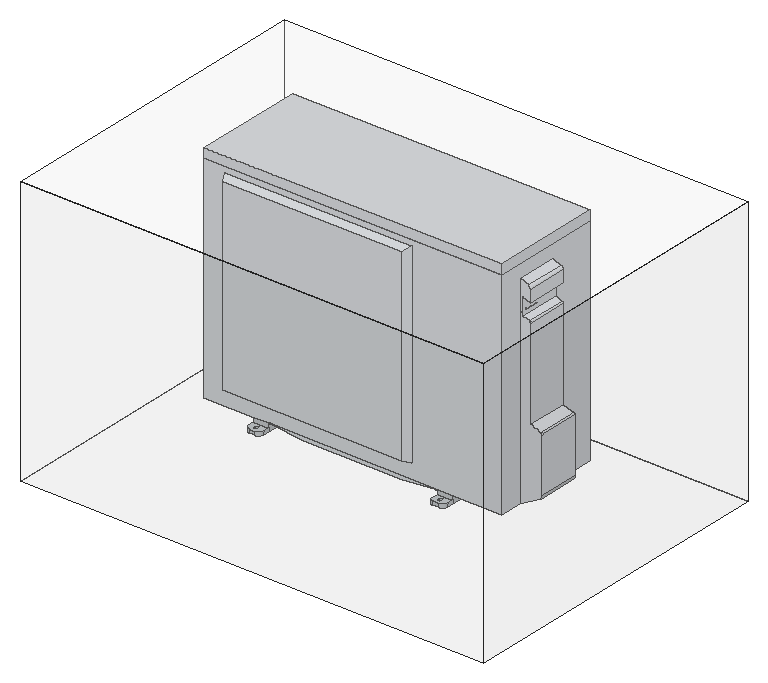
Revit family "puz-ermp40_63ska16_50hz", category 機械設備, Revit 2023
Family settings
  丸型コネクタ寸法 = 直径を使用
  パーツ タイプ = 標準
  OmniClass 番号 = 23.75.10.24.21.27.27
  OmniClass タイトル = Split System Air Conditioning Units
  作業面ベース = いいえ
  常に垂直 = はい
  ロード時にボイドで切り取り = いいえ
  注釈の向きを維持 = いいえ
  共有 = いいえ
  部屋計算ポイント = いいえ
Parameters (values of type "PUZ-ERMP40SKA16")
  風量_冷房 (㎥/min) = 45
  風量 = [風量_冷房 (㎥/min)] * 60.0 m³/h  # 2700.0 m³/h
  音響パワーレベル_暖房 (dB) = 66
  音響パワーレベル_冷房 (dB) = 64
  音響パワーレベル(dB) = [音響パワーレベル_暖房 (dB)]  # 66
  電源種別 = ""
  電源位置Y = 61 mm
  電源位置Z = 497.7 mm
  電源位置X = 400 mm
  電圧 = 200 V
  電動機出力_送風機 = 0.04 kW
  電動機出力_圧縮機 = 0.7 kW
  集中コントローラ [instance] = ""
  運転質量 = 0.00 kg
  運転方法 = "冷暖切替"
  質量 = if(製品質量 > 運転質量, 製品質量, 運転質量) * 1.2  # 45.60 kg
  負荷分類 = 1_熱源類
  説明 = "空冷H/P PAC インバータ室外機"
  設計暖房能力 [instance] = 0 kW
  設計冷房能力_顕熱 [instance] = 0 kW
  設計冷房能力 [instance] = 0 kW
  設置方法 = "床置形"
  記号 [instance] = ""
  製造元 = "三菱電機株式会社"
  製品質量 = 38.00 kg
  製品出荷対象 = "国内"
  製品リリース年月 = "2026/5/11"
  系統 [instance] = ""
  符号 = "PAC"
  積算_科目 = "1 空気調和設備"
  積算_拾い区分 [instance] = ""
  相 = 1
  盤記号 [instance] = ""
  発停方法 = "別売リモコン"
  特殊仕様 [instance] = ""
  消費電力_暖房 = 0 kW
  消費電力_冷房 = 0 kW
  消費電力 = if(消費電力_冷房 > 消費電力_暖房, 消費電力_冷房, 消費電力_暖房)  # 0 kW
  法定耐用年数 = "6"
  極数 = 3
  材質 [instance] = ""
  本体マテリアル = none
  最小電線太さ_mm2 = 2
  暖房能力 = 4 kW
  既定の高さ = 0 mm
  推奨ブレーカー容量 = 15 A
  据付ピッチ1 = 0 mm
  形式 = "パッケージ形 室外機"
  形名 = PUZ-EZRMP-1 : PUZ-EZRMP-1
  幹線記号 [instance] = ""
  始動方式 = "インバータ"
  呼称 = "パッケージ形空気調和機_室外機"
  周波数 = 50 Hz
  価格 = 0
  ドレン　位置Z = 8.5 mm
  ドレン　位置Y = 48.5 mm
  ドレン　位置X = 404.5 mm
  アンカーボルト位置Y = 330 mm
  アンカーボルト位置X = 500 mm
  参照している仕様書等のバージョン = "公共建築物標準仕様書（機械設備工事編）平成31年度版"
  分類コード = "50053003126100"
  分類グループ = "設備"
  冷房能力 = 3.6 kW
  冷媒管（ガス）位置X = 420 mm
  冷媒管（液）位置X = 420 mm
  冷媒管（液）位置Y = 153.75 mm
  冷媒管（ガス）位置Y = 153.75 mm
  冷媒管長 [instance] = 0 mm
  冷媒管径符号 = "Ac"
  冷媒管径 = 60.00 mm
  冷媒管位置Z = 158.95 mm
  冷媒管位置Y = (冷媒管（液）位置Y + 冷媒管（ガス）位置Y) / 2  # 153.75 mm
  冷媒管位置X = (冷媒管（液）位置X + 冷媒管（ガス）位置X) / 2  # 420 mm
  冷媒液管径 = 6.35 mm
  冷媒ガス管径 = 12.70 mm
  企業コード = "108420"
  付属品 [instance] = ""
  ユニット数 = 1
  ユニット3 = yes
  ユニット2 = yes
  モデル = "PUZ-ERMP40SKA16"
  ドレン管径 = 42.00 mm
  サービススペース = yes
  コメント [instance] = ""
  ケーブル種類1 = ""
  【値が 0 の項目は組合せ形名にてご確認ください】 = ""
  Width = 809 mm
  Version = ""
  Uniclass2015Version = "Systems v1.9"
  Uniclass2015Title = "Split coil remote air cooled condensing units"
  Uniclass2015Code = "Pr_70_65_03_84"
  URL = "https://www.mitsubishielectric.co.jp/ldg/wink/qr/002/364574"
  SpecificationReference = ""
  SpecificationDescription = ""
  Revision = ""
  ProductInformation = ""
  OmniClassCode = "23-33 17 13 11"
  IfcTypeProduct = ""
  IfcProduct = ""
  IfcExportType = "AIRCONDITIONINGUNIT"
  IfcExportAs = "IfcUnitaryEquipmentType"
  Height = 630 mm
  Depth = 300 mm
  Clearance Top = 100 mm
  Clearance Right = 350 mm
  Clearance Left = 100 mm
  Clearance Front = 500 mm
  Clearance Bottom = 0 mm
  Clearance Back = 100 mm
  COP = 0
  BLCJ仕様バージョン = "2.0"
  Author = "三菱電機株式会社"
  APF = 0
Reference planes
  plane 1 "中心(正面/背面)": y = 74
  plane 2: z = 0
  plane 3 "中心(左/右)": x = 830
  plane 4 "右": x = 1234.5
  plane 5 "左": x = 425.5
  plane 6 "背面": y = 224
  plane 7 "正面": y = -76
  plane 8 "上部": z = 630
  plane 9 "Clearanse Top": z = 730
  plane 10 "SS_back": y = 324
  plane 11 "SS_front": y = -576
  plane 12 "SS_left": x = 325.5
  plane 13 "SS_right": x = 1584.5
  plane 14: z = 0
  plane 15: y = -15
  plane 16: x = 1230
  plane 17: z = 497.7
  plane 18: y = -13
  plane 19: y = 70.25
  plane 20: x = 1250
  plane 21: y = 175.5
  plane 22: x = 830
  plane 23: z = 10.5
  plane 24: z = 8.5
  plane 25: x = 580
  plane 26: x = 1080
  plane 27: y = 239
  plane 28: y = -91
Forms (mm)
  Extrusion 1, solid, detail levels fine
    sketch origin (0, -76, 0) x (1, 0, 0) y (0, 0, 1)
      loop
        circle (1230, 497.7) r 13.5
    from -63 to -61
  Extrusion 2, solid, detail levels fine
    sketch origin (-1437.329, -1524, 54) x (-1, 0, 0) y (0, -1, 0)
      loop
        circle (-2267.329, -1699.5) r 21
    from -45.5 to -43.5
  Sweep 3, solid, material <- "本体マテリアル", detail levels fine
    path origin (1250, 1296.25, 1200) x (0, 1, 0) y (0, 0, 1)
      loop
        line (-1226, -1041.05) -> (-1272.623, -1084.565)
    profile origin (1250, 46.939, 137.193) x (0, 0.682318, -0.731055) y (1, 0, 0)
      loop
        circle (0, 0) r 30
Lines and regions (mm)
  model lines, not visible
    curve 1: line (460, 178.667, 1289.179) -> (460, 297.73, 1289.179)
    curve 2: line (460, 178.667, 1056.056) -> (460, 178.667, 1289.179)
    curve 3: line (460, 297.73, 1056.056) -> (460, 178.667, 1056.056)
    curve 4: line (460, 297.73, 1289.179) -> (460, 297.73, 1056.056)
    curve 5: line (460, 47.598, 1289.179) -> (460, 166.661, 1289.179)
    curve 6: line (460, 47.598, 1056.056) -> (460, 47.598, 1289.179)
    curve 7: line (460, 166.661, 1056.056) -> (460, 47.598, 1056.056)
    curve 8: line (460, 166.661, 1289.179) -> (460, 166.661, 1056.056)
    curve 9: line (460, -83.471, 1289.179) -> (460, 35.592, 1289.179)
    curve 10: line (460, -83.471, 1056.056) -> (460, -83.471, 1289.179)
    curve 11: line (460, 35.592, 1056.056) -> (460, -83.471, 1056.056)
    curve 12: line (460, 35.592, 1289.179) -> (460, 35.592, 1056.056)
    curve 13: line (460, -150.779, 1289.179) -> (460, -95.75, 1289.179)
    curve 14: line (460, -150.779, 1056.056) -> (460, -150.779, 1289.179)
    curve 15: line (460, -95.75, 1056.056) -> (460, -150.779, 1056.056)
    curve 16: line (460, -95.75, 1289.179) -> (460, -95.75, 1056.056)
    curve 17: line (460, -150.779, 1283.175) -> (460, -132.596, 1283.175)
    curve 18: line (460, -150.779, 1062.059) -> (460, -150.779, 1283.175)
    curve 19: line (460, -132.596, 1062.059) -> (460, -150.779, 1062.059)
    curve 20: line (460, -132.596, 1283.175) -> (460, -132.596, 1062.059)
    curve 21: line (460, 178.667, 1046.051) -> (460, 297.73, 1046.051)
    curve 22: line (460, 178.667, 812.928) -> (460, 178.667, 1046.051)
    curve 23: line (460, 297.73, 812.928) -> (460, 178.667, 812.928)
    curve 24: line (460, 297.73, 1046.051) -> (460, 297.73, 812.928)
    curve 25: line (460, 47.598, 1046.051) -> (460, 166.661, 1046.051)
    curve 26: line (460, 47.598, 812.928) -> (460, 47.598, 1046.051)
    curve 27: line (460, 166.661, 812.928) -> (460, 47.598, 812.928)
    curve 28: line (460, 166.661, 1046.051) -> (460, 166.661, 812.928)
    curve 29: line (460, -83.471, 1046.051) -> (460, 35.592, 1046.051)
    curve 30: line (460, -83.471, 812.928) -> (460, -83.471, 1046.051)
    curve 31: line (460, 35.592, 812.928) -> (460, -83.471, 812.928)
    curve 32: line (460, 35.592, 1046.051) -> (460, 35.592, 812.928)
    curve 33: line (460, -150.779, 1046.051) -> (460, -95.75, 1046.051)
    curve 34: line (460, -150.779, 812.928) -> (460, -150.779, 1046.051)
    curve 35: line (460, -95.75, 812.928) -> (460, -150.779, 812.928)
    curve 36: line (460, -95.75, 1046.051) -> (460, -95.75, 812.928)
    curve 37: line (460, -150.779, 1040.048) -> (460, -132.596, 1040.048)
    curve 38: line (460, -150.779, 818.931) -> (460, -150.779, 1040.048)
    curve 39: line (460, -132.596, 818.931) -> (460, -150.779, 818.931)
    curve 40: line (460, -132.596, 1040.048) -> (460, -132.596, 818.931)
    curve 41: line (460, 178.667, 802.923) -> (460, 297.73, 802.923)
    curve 42: line (460, 178.667, 569.8) -> (460, 178.667, 802.923)
    curve 43: line (460, 297.73, 569.8) -> (460, 178.667, 569.8)
    curve 44: line (460, 297.73, 802.923) -> (460, 297.73, 569.8)
    curve 45: line (460, 47.598, 802.923) -> (460, 166.661, 802.923)
    curve 46: line (460, 47.598, 569.8) -> (460, 47.598, 802.923)
    curve 47: line (460, 166.661, 569.8) -> (460, 47.598, 569.8)
    curve 48: line (460, 166.661, 802.923) -> (460, 166.661, 569.8)
    curve 49: line (460, -83.471, 802.923) -> (460, 35.592, 802.923)
    curve 50: line (460, -83.471, 569.8) -> (460, -83.471, 802.923)
    curve 51: line (460, 35.592, 569.8) -> (460, -83.471, 569.8)
    curve 52: line (460, 35.592, 802.923) -> (460, 35.592, 569.8)
    curve 53: line (460, -150.779, 802.923) -> (460, -95.75, 802.923)
    curve 54: line (460, -150.779, 569.8) -> (460, -150.779, 802.923)
    curve 55: line (460, -95.75, 569.8) -> (460, -150.779, 569.8)
    curve 56: line (460, -95.75, 802.923) -> (460, -95.75, 569.8)
    curve 57: line (460, -150.779, 796.92) -> (460, -132.596, 796.92)
    curve 58: line (460, -150.779, 575.803) -> (460, -150.779, 796.92)
    curve 59: line (460, -132.596, 575.803) -> (460, -150.779, 575.803)
    curve 60: line (460, -132.596, 796.92) -> (460, -132.596, 575.803)
    curve 61: line (460, 178.667, 559.795) -> (460, 297.73, 559.795)
    curve 62: line (460, 178.667, 326.672) -> (460, 178.667, 559.795)
    curve 63: line (460, 297.73, 326.672) -> (460, 178.667, 326.672)
    curve 64: line (460, 297.73, 559.795) -> (460, 297.73, 326.672)
    curve 65: line (460, 47.598, 559.795) -> (460, 166.661, 559.795)
    curve 66: line (460, 47.598, 326.672) -> (460, 47.598, 559.795)
    curve 67: line (460, 166.661, 326.672) -> (460, 47.598, 326.672)
    curve 68: line (460, 166.661, 559.795) -> (460, 166.661, 326.672)
    curve 69: line (460, -83.471, 559.795) -> (460, 35.592, 559.795)
    curve 70: line (460, -83.471, 326.672) -> (460, -83.471, 559.795)
    curve 71: line (460, 35.592, 326.672) -> (460, -83.471, 326.672)
    curve 72: line (460, 35.592, 559.795) -> (460, 35.592, 326.672)
    curve 73: line (460, -150.779, 559.795) -> (460, -95.75, 559.795)
    curve 74: line (460, -150.779, 326.672) -> (460, -150.779, 559.795)
    curve 75: line (460, -95.75, 326.672) -> (460, -150.779, 326.672)
    curve 76: line (460, -95.75, 559.795) -> (460, -95.75, 326.672)
    curve 77: line (460, -150.779, 553.792) -> (460, -132.596, 553.792)
    curve 78: line (460, -150.779, 332.675) -> (460, -150.779, 553.792)
    curve 79: line (460, -132.596, 332.675) -> (460, -150.779, 332.675)
    curve 80: line (460, -132.596, 553.792) -> (460, -132.596, 332.675)
    curve 81: line (460, 178.667, 316.667) -> (460, 297.73, 316.667)
    curve 82: line (460, 178.667, 83.544) -> (460, 178.667, 316.667)
    curve 83: line (460, 297.73, 83.544) -> (460, 178.667, 83.544)
    curve 84: line (460, 297.73, 316.667) -> (460, 297.73, 83.544)
    curve 85: line (460, 47.598, 316.667) -> (460, 166.661, 316.667)
    curve 86: line (460, 47.598, 83.544) -> (460, 47.598, 316.667)
    curve 87: line (460, 166.661, 83.544) -> (460, 47.598, 83.544)
    curve 88: line (460, 166.661, 316.667) -> (460, 166.661, 83.544)
    curve 89: line (460, -83.471, 316.667) -> (460, 35.592, 316.667)
    curve 90: line (460, -83.471, 83.544) -> (460, -83.471, 316.667)
    curve 91: line (460, 35.592, 83.544) -> (460, -83.471, 83.544)
    curve 92: line (460, 35.592, 316.667) -> (460, 35.592, 83.544)
    curve 93: line (460, -150.779, 316.667) -> (460, -95.75, 316.667)
    curve 94: line (460, -150.779, 83.544) -> (460, -150.779, 316.667)
    curve 95: line (460, -95.75, 83.544) -> (460, -150.779, 83.544)
    curve 96: line (460, -95.75, 316.667) -> (460, -95.75, 83.544)
    curve 97: line (460, -150.779, 310.664) -> (460, -132.596, 310.664)
    curve 98: line (460, -150.779, 89.547) -> (460, -150.779, 310.664)
    curve 99: line (460, -132.596, 89.547) -> (460, -150.779, 89.547)
    curve 100: line (460, -132.596, 310.664) -> (460, -132.596, 89.547)
Dimensions and locks
  equal spacing: plane 7 "正面", plane 1 "中心(正面/背面)", plane 6 "背面"
  "Depth": plane 7 "正面" to plane 6 "背面"
  "Width": plane 5 "左" to plane 4 "右"
  equal spacing: plane 5 "左", plane 3 "中心(左/右)", plane 4 "右"
  "Clearance Left": plane 12 "SS_left" to plane 5 "左"
  "Clearance Right": plane 4 "右" to plane 13 "SS_right"
  "Clearance Back": plane 6 "背面" to plane 10 "SS_back"
  "Clearance Front": plane 11 "SS_front" to plane 7 "正面"
  "Height": plane 8 "上部" to level
  "Clearance Top": plane 9 "Clearanse Top" to plane 8 "上部"
  "Clearance Bottom": level to plane 14
  "電源位置X": plane 3 "中心(左/右)" to plane 16
  "電源位置Y": plane 7 "正面" to plane 15
  "電源位置Z": plane 17 to level
  locked: plane 15 to plane 18 at 2
  "冷媒管位置X": plane 3 "中心(左/右)" to plane 20
  "冷媒管位置Y": plane 19 to plane 6 "背面"
  "ドレン　位置X": plane 5 "左" to plane 22
  "ドレン　位置Y": plane 21 to plane 6 "背面"
  locked: plane 23 to plane 24 at 2
  "ドレン　位置Z": plane 24 to level
  equal spacing: plane 28, plane 1 "中心(正面/背面)", plane 27
  "アンカーボルト位置Y": plane 28 to plane 27
  equal spacing: plane 25, plane 3 "中心(左/右)", plane 26
  "アンカーボルト位置X": plane 25 to plane 26
  radius of Extrusion 1 sketch curve = 13.5 mm
  "ドレン管径": diameter of Extrusion 2 sketch curve
  "冷媒管径": diameter of Sweep 3 sketch curve
  aligned and locked: level to plane 2
  aligned and locked: plane 10 "SS_back" to nested 1  (x2)
  aligned and locked: plane 13 "SS_right" to nested 1
  aligned and locked: plane 12 "SS_left" to nested 1  (x2)
  aligned and locked: nested 1 to plane 13 "SS_right"
  aligned and locked: plane 11 "SS_front" to nested 1
  aligned and locked: plane 9 "Clearanse Top" to nested 1
  aligned and locked: plane 1 "中心(正面/背面)" to nested 2
  aligned and locked: plane 3 "中心(左/右)" to nested 2
  aligned and locked: plane 14 to nested 1
  aligned and locked: plane 17 to Extrusion 1 sketch curve
  aligned and locked: plane 16 to Extrusion 1 sketch curve
  aligned and locked: Extrusion 1 to plane 18
  aligned and locked: plane 15 to Extrusion 1
  aligned and locked: plane 22 to Extrusion 2 sketch curve
  aligned and locked: plane 21 to Extrusion 2 sketch curve
  aligned and locked: plane 23 to Extrusion 2
  aligned and locked: Extrusion 2 to plane 24
  aligned and locked: plane 25 to nested 3
  aligned and locked: plane 27 to nested 3
Automatic sketch dimensions
  Sweep 3 sketch curve to plane 18 = 36.627 mm
  plane 1 "中心(正面/背面)" to Sweep 3 sketch curve = 3.75 mm
  plane 23 to Sweep 3 sketch curve = 104.935 mm
  Sweep 3 sketch curve to Sweep 3 sketch curve = 43.515 mm
  Sweep 3 sketch curve to plane 20 = 0 mm
  Sweep 3 sketch curve to profile plane = 0 mm
Nested families
  nested 1: "サービススペース" at (955, -126, 365), visible <- "サービススペース", type "サービススペース"
    with Width 1259 mm, Height 730 mm, Depth 900 mm
  nested 2: "PUZ-EZRMP-1" at (830, 74, 0), type <- "形名", type "PUZ-EZRMP-1", detail levels fine
  nested 3: "固定点" at (580, -91, 0), type "固定点"
    with 中心円 10 mm, W 500 mm, D 330 mm
Connectors
  electrical at (1230, -15, 497.7), driven by "極数", driven by "負荷分類", driven by "電圧", driven by "消費電力"
    settings: on Extrusion 1, index 2, voltage 200 V, apparent load 0 VA, apparent load phase1 0 VA, apparent load phase2 0 VA, apparent load phase3 0 VA, power factor 1, load classification "1_熱源類", number of poles 3, system type 30, power factor state 1, is connector primary yes, connector utility no, sub classification motor no, connector description ""
  piping at (1250, 70.25, 158.95), diameter 60, driven by "冷媒管径", driven by "冷媒管径符号"
    settings: on Sweep 3, index 3, connector inside diameter 609.60 mm, connector length 0 mm, flow factor 0, pipe flow 0.0 L/s, pressure drop 0.0 Pa, fitting loss kfactor 0, connector angle 0.00°, fixture units 0, engagement length 0 mm, angle of deflection 0.00°, flow configuration 1, flow direction 2, fitting loss method 4, system type 7, joint type 0, gender type 0, connector reference index -1, connector utility 0, adjustable connector no, is connector primary yes, connector description "Ac"
Definition of nested family "サービススペース"
  Parameters (values of type "サービススペース")
    Default Elevation = 0 mm
    Width [instance] = 500 mm
    Height [instance] = 500 mm
    Depth [instance] = 500 mm
  Reference planes
    plane 1 "中心(正面/背面)": y = 0
    plane 2: z = 0
    plane 3 "中心(左/右)": x = 0
    plane 4: y = -250
    plane 5: x = 250
    plane 6: y = 250
    plane 7: x = -250
    plane 8: z = 250
    plane 9: z = -250
  Forms (mm)
    Extrusion 1, solid
      sketch origin (-638.939, 0, 72.39) x (1, 0, 0) y (0, 1, 0)
        loop
          line (388.939, 250) -> (388.939, -250) -> (888.939, -250) -> (888.939, 250) -> (388.939, 250)
      from -322.39 to 177.61
  Lines and regions (mm)
    symbolic lines
      curve 1: line (-250, 0, 250) -> (250, 0, 250)
      curve 2: line (-250, 0, -250) -> (-250, 0, 250)
      curve 3: line (250, 0, -250) -> (-250, 0, -250)
      curve 4: line (250, 0, 250) -> (250, 0, -250)
      curve 5: line (0, -250, 250) -> (0, 250, 250)
      curve 6: line (0, -250, -250) -> (0, -250, 250)
      curve 7: line (0, 250, -250) -> (0, -250, -250)
      curve 8: line (0, 250, 250) -> (0, 250, -250)
      curve 9: line (-250, 250, 0) -> (250, 250, 0)
      curve 10: line (-250, -250, 0) -> (-250, 250, 0)
      curve 11: line (250, -250, 0) -> (-250, -250, 0)
      curve 12: line (250, 250, 0) -> (250, -250, 0)
  Dimensions and locks
    equal spacing: plane 7, plane 3 "中心(左/右)", plane 5
    equal spacing: plane 4, plane 1 "中心(正面/背面)", plane 6
    "Depth": plane 4 to plane 6
    "Width": plane 7 to plane 5
    equal spacing: plane 8, plane 2, plane 9
    "Height": plane 8 to plane 9
    aligned and locked: plane 9 to curve 3
    aligned and locked: plane 7 to curve 2
    aligned and locked: curve 4 to plane 5
    aligned and locked: plane 5 to Extrusion 1
    aligned and locked: Extrusion 1 to plane 7
    aligned and locked: Extrusion 1 to plane 9
    aligned and locked: plane 8 to Extrusion 1
    aligned and locked: plane 9 to curve 7
  Automatic sketch dimensions
    plane 4 to Extrusion 1 sketch curve = 0 mm
    Extrusion 1 sketch curve to plane 7 = 0 mm
    Extrusion 1 sketch curve to plane 5 = 0 mm
    plane 6 to Extrusion 1 sketch curve = 0 mm
    curve 2 to plane 8 = 0 mm
    plane 4 to curve 11 = 0 mm
    curve 11 to plane 7 = 0 mm
    curve 11 to plane 5 = 0 mm
    plane 6 to curve 10 = 0 mm
    curve 7 to plane 4 = 0 mm
    curve 7 to plane 6 = 0 mm
    curve 6 to plane 8 = 0 mm
Definition of nested family "PUZ-EZRMP-1"
  Parameters (values of type "PUZ-EZRMP-1")
    配線取出口サイズ = 27 mm
    配線取出口-Z = 497.7 mm
    配線取出口-Y = 239 mm
    配線取出口-X = 400 mm
    液配管サイズ = 50 mm
    高さ = 630 mm
    Default Elevation = 0 mm
    換気-W = 310 mm
    換気-H2 = 632 mm
    換気-H1 = 325 mm
    換気-D = 20 mm
    奥行き = 300 mm
    吊りボルト_H = 0 mm
    吊りボルト-φ = 10 mm
    冷媒配管サイズ = 6.35 mm
    冷媒液管径-Z = 164.5 mm
    冷媒液管径-Y = 185.5 mm
    冷媒液管径-X = 420 mm
    冷媒ガス管径-Z = 99.5 mm
    冷媒ガス管径-Y = 185.5 mm
    冷媒ガス管径-X = 420 mm
    吊りボルト-W = 500 mm
    マテリアル = none
    ドレン配管サイズ = 42 mm
    ドレン管径-Z = 0 mm
    ドレン管径-Y = 251.5 mm
    ドレン管径-X = 404.5 mm
    タイプ3 = no
    タイプ2 = no
    タイプ1 = yes
    ガス配管サイズ = 12.7 mm
    吊りボルト-D = 330 mm
    幅さ = 809 mm
    a = 600 mm
  Reference planes
    plane 1 "中心(正面/背面)": y = 0
    plane 2: z = 0
    plane 3 "中心(左/右)": x = 0
    plane 4: z = 630
    plane 5: x = -404.5
    plane 6: x = 404.5
    plane 7: y = 150
    plane 8: y = -150
    plane 9: x = 466.5
    plane 10: y = -90
    plane 11: y = 20
    plane 12: z = 605
    plane 13: x = -424.5
    plane 14: x = -250
    plane 15: x = 250
    plane 16: y = 165
    plane 17: y = -165
    plane 18: x = 270
    plane 19: x = 230
    plane 20: x = -230
    plane 21: x = -270
    plane 22: y = 180
    plane 23: y = -180
    plane 24: z = 8.5
    plane 25: z = 20
    plane 26: z = 11.5
    plane 27: x = -135
    plane 28: x = 135
    plane 29: z = 625
    plane 30: y = -40
    plane 31: y = 40
    plane 32: y = -30
    plane 33: y = 30
    plane 34: z = 610
    plane 35: z = 55
    plane 36: z = 225
    plane 37: z = 570
    plane 38: x = 414.5
    plane 39: x = 435.5
    plane 40: y = -170
    plane 41: x = -94.5
    plane 42: z = 325
    plane 43: x = 159.5
    plane 44: x = -348.5
    plane 45: z = 589
    plane 46: z = 61
    plane 47: x = -338.5
    plane 48: x = 149.5
    plane 49: z = 579
    plane 50: z = 71
    plane 51: y = 100
    plane 52: y = -100
    plane 53: x = 0
    plane 54: y = 101.5
    plane 55: x = 420
    plane 56: x = 400
    plane 57: y = -89
    plane 58: y = -35.5
    plane 59: y = -35.5
    plane 60: x = 420
    plane 61: z = 99.5
    plane 62: z = 164.5
    plane 63: z = 497.7
    plane 64: y = -39
    plane 65: z = 137.3
    plane 66: z = 180.6
    plane 67: x = 420
    plane 68: y = -35.5
    plane 69 "グループ": x = -600
    plane 70: z = 1338
    plane 71: z = 943
    plane 72: z = 957
    plane 73: z = 1221
    plane 74: z = 693
    plane 75: z = 1211
    plane 76: z = 703
    plane 77: y = -12.5
    plane 78: y = 5
    plane 79: y = -3.75
  Forms (mm)
    Extrusion 1, solid, visible <- "タイプ1", detail levels fine
      sketch origin (-1437.329, -1524, 630) x (-1, 0, 0) y (0, -1, 0)
        loop
          line (-1167.329, -1674) -> (-1167.329, -1374) -> (-1207.329, -1374) -> (-1207.329, -1674) -> (-1167.329, -1674)
        loop
          line (-1667.329, -1674) -> (-1667.329, -1374) -> (-1707.329, -1374) -> (-1707.329, -1674) -> (-1667.329, -1674)
      from -630 to -610
    Extrusion 2, solid, material <- "マテリアル", visible <- "タイプ1", detail levels fine
      sketch origin (0, 0, 0) x (1, 0, 0) y (0, 0, 1)
        loop
          line (-230, 20) -> (-135, 11.5) -> (135, 11.5) -> (230, 20) -> (-230, 20)
      from -150 to 150
    Extrusion 3, solid, material <- "マテリアル", visible <- "タイプ1", detail levels fine
      sketch origin (-1437.329, -1524, 630) x (-1, 0, 0) y (0, -1, 0)
        loop
          circle (-1437.329, -1625.5) r 21
      from -621.5 to -618.5
    Extrusion 4, solid, material <- "マテリアル", visible <- "タイプ1", detail levels fine
      sketch origin (-1437.329, -1524, 630) x (-1, 0, 0) y (0, -1, 0)
        loop
          line (-1841.829, -1674) -> (-1032.829, -1674) -> (-1032.829, -1374) -> (-1841.829, -1374) -> (-1841.829, -1674)
      from -610 to -25
    Extrusion 5, solid, material <- "マテリアル", visible <- "タイプ1", detail levels fine
      sketch origin (-1437.329, -1524, 630) x (-1, 0, 0) y (0, -1, 0)
        loop
          line (-1032.829, -1674) -> (-1032.829, -1374) -> (-1841.829, -1374) -> (-1841.829, -1674) -> (-1032.829, -1674)
      from -25 to 0
    Blend 6, solid, material <- "マテリアル", visible <- "タイプ1", detail levels fine
      base sketch origin (0, 0, 0) x (0, 1, 0) y (0, 0, 1)
        loop
          line (40, 625) -> (-40, 625) -> (-40, 605) -> (40, 605) -> (40, 625)
      top sketch origin (0, 0, 0) x (0, 1, 0) y (0, 0, 1)
        loop
          line (30, 610) -> (-30, 610) -> (-30, 605) -> (30, 605) -> (30, 610)
      from -404.5 to -424.5
    Extrusion 7, solid, material <- "マテリアル", visible <- "タイプ1", detail levels fine
      sketch origin (0, 0, 0) x (1, 0, 0) y (0, 0, 1)
        loop
          line (404.5, 570) -> (404.5, 20) -> (461.416, 52.13)
          arc (461.416, 52.13) -> (465.136, 55.796) -> (466.5, 60.838) r 10
          line (466.5, 60.838) -> (466.5, 210.216)
          arc (466.5, 210.216) -> (465.596, 213.084) -> (463.21, 214.914) r 5
          line (463.21, 214.914) -> (435.5, 225) -> (435.5, 470.082)
          arc (435.5, 470.082) -> (434.596, 472.95) -> (432.21, 474.78) r 5
          line (432.21, 474.78) -> (414.5, 481.226) -> (414.5, 529.114) -> (435.5, 521.471) -> (435.5, 551.715)
          arc (435.5, 551.715) -> (433.692, 557.451) -> (428.92, 561.112) r 10
          line (428.92, 561.112) -> (404.5, 570)
      from -20 to 90
    Blend 8, solid, material <- "マテリアル", visible <- "タイプ1", detail levels fine
      base sketch origin (0, 0, 0) x (1, 0, 0) y (0, 0, 1)
        loop
          line (-348.5, 589) -> (-348.5, 61) -> (159.5, 61) -> (159.5, 589) -> (-348.5, 589)
      top sketch origin (0, 0, 0) x (1, 0, 0) y (0, 0, 1)
        loop
          line (-338.5, 579) -> (-338.5, 71) -> (149.5, 71) -> (149.5, 579) -> (-338.5, 579)
      from 150 to 170
    Extrusion 9, solid, material <- "マテリアル", visible <- "タイプ1", detail levels fine
      sketch origin (1480.036, -170, 1200) x (1, 0, 0) y (0, 0, 1)
        loop
          circle (-1080.036, -702.3) r 13.5
      from -131 to -81
    Extrusion 10, solid, visible <- "タイプ1", detail levels fine
      sketch origin (-1437.329, -1524, 630) x (-1, 0, 0) y (0, -1, 0)
        loop
          line (-1167.329, -1704) -> (-1167.329, -1674) -> (-1207.329, -1674) -> (-1207.329, -1704) -> (-1192.329, -1704) -> (-1192.329, -1689)
          arc (-1192.329, -1689) -> (-1187.329, -1684) -> (-1182.329, -1689) r 5
          line (-1182.329, -1689) -> (-1182.329, -1704) -> (-1167.329, -1704)
        loop
          line (-1667.329, -1704) -> (-1667.329, -1674) -> (-1707.329, -1674) -> (-1707.329, -1704) -> (-1692.329, -1704) -> (-1692.329, -1689)
          arc (-1692.329, -1689) -> (-1687.329, -1684) -> (-1682.329, -1689) r 5
          line (-1682.329, -1689) -> (-1682.329, -1704) -> (-1667.329, -1704)
        loop
          line (-1667.329, -1374) -> (-1667.329, -1354)
          arc (-1667.329, -1354) -> (-1670.258, -1346.929) -> (-1677.329, -1344) r 10
          line (-1677.329, -1344) -> (-1694.129, -1344)
          arc (-1694.129, -1344) -> (-1703.463, -1347.866) -> (-1707.329, -1357.2) r 13.2
          line (-1707.329, -1357.2) -> (-1707.329, -1374) -> (-1667.329, -1374)
        loop
          line (-1167.329, -1374) -> (-1167.329, -1357.2)
          arc (-1167.329, -1357.2) -> (-1171.196, -1347.866) -> (-1180.529, -1344) r 13.2
          line (-1180.529, -1344) -> (-1194.129, -1344)
          arc (-1194.129, -1344) -> (-1203.463, -1347.866) -> (-1207.329, -1357.2) r 13.2
          line (-1207.329, -1357.2) -> (-1207.329, -1374) -> (-1167.329, -1374)
        loop
          arc (-1192.329, -1359) -> (-1187.329, -1364) -> (-1182.329, -1359) r 5
          line (-1182.329, -1359) -> (-1182.329, -1357.2)
          arc (-1182.329, -1357.2) -> (-1187.329, -1352.2) -> (-1192.329, -1357.2) r 5
          line (-1192.329, -1357.2) -> (-1192.329, -1359)
        loop
          arc (-1692.329, -1359) -> (-1687.329, -1364) -> (-1682.329, -1359) r 5
          line (-1682.329, -1359) -> (-1682.329, -1357.2)
          arc (-1682.329, -1357.2) -> (-1687.329, -1352.2) -> (-1692.329, -1357.2) r 5
          line (-1692.329, -1357.2) -> (-1692.329, -1359)
      from -621.5 to -630
    Sweep 11, solid, material <- "マテリアル", visible <- "タイプ1", detail levels fine
      path origin (420, 1296.25, 1200) x (0, 1, 0) y (0, 0, 1)
        loop
          line (-1331.75, -1035.5) -> (-1308.75, -1019.4)
      profile origin (420, -24, 172.55) x (0, -0.573462, 0.819232) y (1, 0, 0)
        loop
          circle (0, 0) r 3.175
    Sweep 12, solid, material <- "マテリアル", visible <- "タイプ1", detail levels fine
      path origin (420, 1296.25, 1200) x (0, 1, 0) y (0, 0, 1)
        loop
          line (-1331.75, -1100.5) -> (-1291.25, -1062.7)
      profile origin (420, -15.25, 118.4) x (0, -0.682318, 0.731055) y (1, 0, 0)
        loop
          circle (0, 0) r 6.35
  Lines and regions (mm)
    Masking region 1, visible <- "タイプ1", detail levels coarse+medium
      outline origin (-1437.329, -1524, 630) x (-1, 0, 0) y (0, -1, 0)
        loop
          line (-1841.829, -1674) -> (-1707.329, -1674) -> (-1707.329, -1704) -> (-1667.329, -1704) -> (-1667.329, -1674) -> (-1207.329, -1674) -> (-1207.329, -1704) -> (-1167.329, -1704) -> (-1167.329, -1674) -> (-1032.829, -1674) -> (-1032.829, -1564) -> (-1012.829, -1554) -> (-1012.829, -1494) -> (-1032.829, -1484) -> (-1032.829, -1374) -> (-1088.829, -1374) -> (-1098.829, -1354) -> (-1164.523, -1354)
          arc (-1164.523, -1354) -> (-1169.205, -1346.796) -> (-1177.329, -1344) r 13.2
          line (-1177.329, -1344) -> (-1193.997, -1344)
          arc (-1193.997, -1344) -> (-1202.121, -1346.796) -> (-1206.804, -1354) r 13.2
          line (-1206.804, -1354) -> (-1586.829, -1354) -> (-1596.829, -1374) -> (-1667.329, -1374) -> (-1667.329, -1354)
          arc (-1667.329, -1354) -> (-1670.258, -1346.929) -> (-1677.329, -1344) r 10
          line (-1677.329, -1344) -> (-1694.129, -1344)
          arc (-1694.129, -1344) -> (-1703.463, -1347.866) -> (-1707.329, -1357.2) r 13.2
          line (-1707.329, -1357.2) -> (-1707.329, -1374) -> (-1841.829, -1374) -> (-1841.829, -1434) -> (-1903.829, -1434) -> (-1903.829, -1544) -> (-1841.829, -1544) -> (-1841.829, -1674)
    model lines, visible <- "タイプ1", detail levels fine
      curve 1: line (324.5, 100, 630) -> (-324.5, 100, 630)
      curve 2: line (-324.5, -100, 630) -> (324.5, -100, 630)
      curve 3: line (-324.5, -40, 630) -> (324.5, -40, 630)
      curve 4: line (324.5, 40, 630) -> (-324.5, 40, 630)
      curve 5: line (-324.5, -30, 630) -> (324.5, -30, 630)
      curve 6: line (324.5, 30, 630) -> (-324.5, 30, 630)
      curve 7: line (-324.5, 100, 630) -> (-324.5, 40, 630)
      curve 8: line (324.5, -100, 630) -> (324.5, -40, 630)
      curve 9: line (-324.5, 30, 630) -> (-324.5, -30, 630)
      curve 10: line (-324.5, -40, 630) -> (-324.5, -100, 630)
      curve 11: line (324.5, -30, 630) -> (324.5, 30, 630)
      curve 12: line (324.5, 40, 630) -> (324.5, 100, 630)
      curve 13: line (354.5, -100, 630) -> (354.5, 100, 630)
      curve 14: line (339.5, -100, 630) -> (339.5, 100, 630)
      curve 15: line (-354.5, 100, 630) -> (-354.5, -100, 630)
      curve 16: line (-339.5, 100, 630) -> (-339.5, -100, 630)
      curve 17: line (-339.5, 100, 630) -> (-354.5, 100, 630)
      curve 18: line (-339.5, -100, 630) -> (-354.5, -100, 630)
      curve 19: line (339.5, 100, 630) -> (354.5, 100, 630)
      curve 20: line (339.5, -100, 630) -> (354.5, -100, 630)
      curve 21: line (-338.5, -170, 372.5) -> (149.5, -170, 372.5)
      curve 22: line (149.5, -170, 277.5) -> (-338.5, -170, 277.5)
      curve 23: line (-338.5, -170, 467.5) -> (149.5, -170, 467.5)
      curve 24: line (-338.5, -170, 562.5) -> (149.5, -170, 562.5)
      curve 25: line (149.5, -170, 182.5) -> (-338.5, -170, 182.5)
      curve 26: line (149.5, -170, 87.5) -> (-338.5, -170, 87.5)
      curve 27: line (-321.071, -170, 579) -> (-321.071, -170, 71)
      curve 28: line (132.071, -170, 71) -> (132.071, -170, 579)
      curve 29: line (-303.643, -170, 579) -> (-303.643, -170, 71)
      curve 30: line (-286.214, -170, 579) -> (-286.214, -170, 71)
      curve 31: line (-268.786, -170, 579) -> (-268.786, -170, 71)
      curve 32: line (-251.357, -170, 579) -> (-251.357, -170, 71)
      curve 33: line (-233.929, -170, 579) -> (-233.929, -170, 71)
      curve 34: line (-216.5, -170, 579) -> (-216.5, -170, 71)
      curve 35: line (-199.071, -170, 579) -> (-199.071, -170, 71)
      curve 36: line (-181.643, -170, 579) -> (-181.643, -170, 71)
      curve 37: line (-164.214, -170, 579) -> (-164.214, -170, 71)
      curve 38: line (-146.786, -170, 579) -> (-146.786, -170, 71)
      curve 39: line (-129.357, -170, 579) -> (-129.357, -170, 71)
      curve 40: line (-111.929, -170, 579) -> (-111.929, -170, 71)
      curve 41: line (-94.5, -170, 579) -> (-94.5, -170, 71)
      curve 42: line (-77.071, -170, 579) -> (-77.071, -170, 71)
      curve 43: line (-59.643, -170, 579) -> (-59.643, -170, 71)
      curve 44: line (-42.214, -170, 579) -> (-42.214, -170, 71)
      curve 45: line (-24.786, -170, 579) -> (-24.786, -170, 71)
      curve 46: line (-7.357, -170, 579) -> (-7.357, -170, 71)
      curve 47: line (10.071, -170, 579) -> (10.071, -170, 71)
      curve 48: line (27.5, -170, 579) -> (27.5, -170, 71)
      curve 49: line (44.929, -170, 579) -> (44.929, -170, 71)
      curve 50: line (62.357, -170, 579) -> (62.357, -170, 71)
      curve 51: line (79.786, -170, 579) -> (79.786, -170, 71)
      curve 52: line (97.214, -170, 579) -> (97.214, -170, 71)
      curve 53: line (114.643, -170, 579) -> (114.643, -170, 71)
      curve 54: line (-404.5, -10, 574) -> (-404.5, -10, 584)
      curve 55: line (-404.5, -100, 584) -> (-404.5, -100, 574)
      curve 56: line (-404.5, 100, 584) -> (-404.5, 100, 574)
      curve 57: line (-404.5, 10, 584) -> (-404.5, 10, 574)
      curve 58: line (-404.5, 95, 589) -> (-404.5, 15, 589)
      curve 59: line (-404.5, -15, 589) -> (-404.5, -95, 589)
      curve 60: line (-404.5, -15, 569) -> (-404.5, -95, 569)
      curve 61: line (-404.5, 95, 569) -> (-404.5, 15, 569)
      curve 62: arc (-404.5, 100, 584) -> (-404.5, 98.536, 587.536) -> (-404.5, 95, 589) r 5
      curve 63: arc (-404.5, 95, 569) -> (-404.5, 98.536, 570.464) -> (-404.5, 100, 574) r 5
      curve 64: arc (-404.5, 10, 584) -> (-404.5, 11.464, 587.536) -> (-404.5, 15, 589) r 5
      curve 65: arc (-404.5, 10, 574) -> (-404.5, 11.464, 570.464) -> (-404.5, 15, 569) r 5
      curve 66: arc (-404.5, -10, 584) -> (-404.5, -11.464, 587.536) -> (-404.5, -15, 589) r 5
      curve 67: arc (-404.5, -15, 569) -> (-404.5, -11.464, 570.464) -> (-404.5, -10, 574) r 5
      curve 68: arc (-404.5, -95, 589) -> (-404.5, -98.536, 587.536) -> (-404.5, -100, 584) r 5
      curve 69: arc (-404.5, -100, 574) -> (-404.5, -98.536, 570.464) -> (-404.5, -95, 569) r 5
      curve 70: line (-404.5, -10, 544) -> (-404.5, -10, 554)
      curve 71: line (-404.5, -100, 554) -> (-404.5, -100, 544)
      curve 72: line (-404.5, 100, 554) -> (-404.5, 100, 544)
      curve 73: line (-404.5, 10, 554) -> (-404.5, 10, 544)
      curve 74: line (-404.5, 95, 559) -> (-404.5, 15, 559)
      curve 75: line (-404.5, -15, 559) -> (-404.5, -95, 559)
      curve 76: line (-404.5, -15, 539) -> (-404.5, -95, 539)
      curve 77: line (-404.5, 95, 539) -> (-404.5, 15, 539)
      curve 78: arc (-404.5, 100, 554) -> (-404.5, 98.536, 557.536) -> (-404.5, 95, 559) r 5
      curve 79: arc (-404.5, 95, 539) -> (-404.5, 98.536, 540.464) -> (-404.5, 100, 544) r 5
      curve 80: arc (-404.5, 10, 554) -> (-404.5, 11.464, 557.536) -> (-404.5, 15, 559) r 5
      curve 81: arc (-404.5, 10, 544) -> (-404.5, 11.464, 540.464) -> (-404.5, 15, 539) r 5
      curve 82: arc (-404.5, -10, 554) -> (-404.5, -11.464, 557.536) -> (-404.5, -15, 559) r 5
      curve 83: arc (-404.5, -15, 539) -> (-404.5, -11.464, 540.464) -> (-404.5, -10, 544) r 5
      curve 84: arc (-404.5, -95, 559) -> (-404.5, -98.536, 557.536) -> (-404.5, -100, 554) r 5
      curve 85: arc (-404.5, -100, 544) -> (-404.5, -98.536, 540.464) -> (-404.5, -95, 539) r 5
      curve 86: line (-404.5, -10, 514) -> (-404.5, -10, 524)
      curve 87: line (-404.5, -100, 524) -> (-404.5, -100, 514)
      curve 88: line (-404.5, 100, 524) -> (-404.5, 100, 514)
      curve 89: line (-404.5, 10, 524) -> (-404.5, 10, 514)
      curve 90: line (-404.5, 95, 529) -> (-404.5, 15, 529)
      curve 91: line (-404.5, -15, 529) -> (-404.5, -95, 529)
      curve 92: line (-404.5, -15, 509) -> (-404.5, -95, 509)
      curve 93: line (-404.5, 95, 509) -> (-404.5, 15, 509)
      curve 94: arc (-404.5, 100, 524) -> (-404.5, 98.536, 527.536) -> (-404.5, 95, 529) r 5
      curve 95: arc (-404.5, 95, 509) -> (-404.5, 98.536, 510.464) -> (-404.5, 100, 514) r 5
      curve 96: arc (-404.5, 10, 524) -> (-404.5, 11.464, 527.536) -> (-404.5, 15, 529) r 5
      curve 97: arc (-404.5, 10, 514) -> (-404.5, 11.464, 510.464) -> (-404.5, 15, 509) r 5
      curve 98: arc (-404.5, -10, 524) -> (-404.5, -11.464, 527.536) -> (-404.5, -15, 529) r 5
      curve 99: arc (-404.5, -15, 509) -> (-404.5, -11.464, 510.464) -> (-404.5, -10, 514) r 5
      curve 100: arc (-404.5, -95, 529) -> (-404.5, -98.536, 527.536) -> (-404.5, -100, 524) r 5
      curve 101: arc (-404.5, -100, 514) -> (-404.5, -98.536, 510.464) -> (-404.5, -95, 509) r 5
      curve 102: line (-404.5, -10, 484) -> (-404.5, -10, 494)
      curve 103: line (-404.5, -100, 494) -> (-404.5, -100, 484)
      curve 104: line (-404.5, 100, 494) -> (-404.5, 100, 484)
      curve 105: line (-404.5, 10, 494) -> (-404.5, 10, 484)
      curve 106: line (-404.5, 95, 499) -> (-404.5, 15, 499)
      curve 107: line (-404.5, -15, 499) -> (-404.5, -95, 499)
      curve 108: line (-404.5, -15, 479) -> (-404.5, -95, 479)
      curve 109: line (-404.5, 95, 479) -> (-404.5, 15, 479)
      curve 110: arc (-404.5, 100, 494) -> (-404.5, 98.536, 497.536) -> (-404.5, 95, 499) r 5
      curve 111: arc (-404.5, 95, 479) -> (-404.5, 98.536, 480.464) -> (-404.5, 100, 484) r 5
      curve 112: arc (-404.5, 10, 494) -> (-404.5, 11.464, 497.536) -> (-404.5, 15, 499) r 5
      curve 113: arc (-404.5, 10, 484) -> (-404.5, 11.464, 480.464) -> (-404.5, 15, 479) r 5
      curve 114: arc (-404.5, -10, 494) -> (-404.5, -11.464, 497.536) -> (-404.5, -15, 499) r 5
      curve 115: arc (-404.5, -15, 479) -> (-404.5, -11.464, 480.464) -> (-404.5, -10, 484) r 5
      curve 116: arc (-404.5, -95, 499) -> (-404.5, -98.536, 497.536) -> (-404.5, -100, 494) r 5
      curve 117: arc (-404.5, -100, 484) -> (-404.5, -98.536, 480.464) -> (-404.5, -95, 479) r 5
      curve 118: line (-404.5, -10, 454) -> (-404.5, -10, 464)
      curve 119: line (-404.5, -100, 464) -> (-404.5, -100, 454)
      curve 120: line (-404.5, 100, 464) -> (-404.5, 100, 454)
      curve 121: line (-404.5, 10, 464) -> (-404.5, 10, 454)
      curve 122: line (-404.5, 95, 469) -> (-404.5, 15, 469)
      curve 123: line (-404.5, -15, 469) -> (-404.5, -95, 469)
      curve 124: line (-404.5, -15, 449) -> (-404.5, -95, 449)
      curve 125: line (-404.5, 95, 449) -> (-404.5, 15, 449)
      curve 126: arc (-404.5, 100, 464) -> (-404.5, 98.536, 467.536) -> (-404.5, 95, 469) r 5
      curve 127: arc (-404.5, 95, 449) -> (-404.5, 98.536, 450.464) -> (-404.5, 100, 454) r 5
      curve 128: arc (-404.5, 10, 464) -> (-404.5, 11.464, 467.536) -> (-404.5, 15, 469) r 5
      curve 129: arc (-404.5, 10, 454) -> (-404.5, 11.464, 450.464) -> (-404.5, 15, 449) r 5
      curve 130: arc (-404.5, -10, 464) -> (-404.5, -11.464, 467.536) -> (-404.5, -15, 469) r 5
      curve 131: arc (-404.5, -15, 449) -> (-404.5, -11.464, 450.464) -> (-404.5, -10, 454) r 5
      curve 132: arc (-404.5, -95, 469) -> (-404.5, -98.536, 467.536) -> (-404.5, -100, 464) r 5
      curve 133: arc (-404.5, -100, 454) -> (-404.5, -98.536, 450.464) -> (-404.5, -95, 449) r 5
      curve 134: line (-404.5, -10, 424) -> (-404.5, -10, 434)
      curve 135: line (-404.5, -100, 434) -> (-404.5, -100, 424)
      curve 136: line (-404.5, 100, 434) -> (-404.5, 100, 424)
      curve 137: line (-404.5, 10, 434) -> (-404.5, 10, 424)
      curve 138: line (-404.5, 95, 439) -> (-404.5, 15, 439)
      curve 139: line (-404.5, -15, 439) -> (-404.5, -95, 439)
      curve 140: line (-404.5, -15, 419) -> (-404.5, -95, 419)
      curve 141: line (-404.5, 95, 419) -> (-404.5, 15, 419)
      curve 142: arc (-404.5, 100, 434) -> (-404.5, 98.536, 437.536) -> (-404.5, 95, 439) r 5
      curve 143: arc (-404.5, 95, 419) -> (-404.5, 98.536, 420.464) -> (-404.5, 100, 424) r 5
      curve 144: arc (-404.5, 10, 434) -> (-404.5, 11.464, 437.536) -> (-404.5, 15, 439) r 5
      curve 145: arc (-404.5, 10, 424) -> (-404.5, 11.464, 420.464) -> (-404.5, 15, 419) r 5
      curve 146: arc (-404.5, -10, 434) -> (-404.5, -11.464, 437.536) -> (-404.5, -15, 439) r 5
      curve 147: arc (-404.5, -15, 419) -> (-404.5, -11.464, 420.464) -> (-404.5, -10, 424) r 5
      curve 148: arc (-404.5, -95, 439) -> (-404.5, -98.536, 437.536) -> (-404.5, -100, 434) r 5
      curve 149: arc (-404.5, -100, 424) -> (-404.5, -98.536, 420.464) -> (-404.5, -95, 419) r 5
      curve 150: line (-404.5, -10, 394) -> (-404.5, -10, 404)
      curve 151: line (-404.5, -100, 404) -> (-404.5, -100, 394)
      curve 152: line (-404.5, 100, 404) -> (-404.5, 100, 394)
      curve 153: line (-404.5, 10, 404) -> (-404.5, 10, 394)
      curve 154: line (-404.5, 95, 409) -> (-404.5, 15, 409)
      curve 155: line (-404.5, -15, 409) -> (-404.5, -95, 409)
      curve 156: line (-404.5, -15, 389) -> (-404.5, -95, 389)
      curve 157: line (-404.5, 95, 389) -> (-404.5, 15, 389)
      curve 158: arc (-404.5, 100, 404) -> (-404.5, 98.536, 407.536) -> (-404.5, 95, 409) r 5
      curve 159: arc (-404.5, 95, 389) -> (-404.5, 98.536, 390.464) -> (-404.5, 100, 394) r 5
      curve 160: arc (-404.5, 10, 404) -> (-404.5, 11.464, 407.536) -> (-404.5, 15, 409) r 5
      curve 161: arc (-404.5, 10, 394) -> (-404.5, 11.464, 390.464) -> (-404.5, 15, 389) r 5
      curve 162: arc (-404.5, -10, 404) -> (-404.5, -11.464, 407.536) -> (-404.5, -15, 409) r 5
      curve 163: arc (-404.5, -15, 389) -> (-404.5, -11.464, 390.464) -> (-404.5, -10, 394) r 5
      curve 164: arc (-404.5, -95, 409) -> (-404.5, -98.536, 407.536) -> (-404.5, -100, 404) r 5
      curve 165: arc (-404.5, -100, 394) -> (-404.5, -98.536, 390.464) -> (-404.5, -95, 389) r 5
      curve 166: line (-404.5, -10, 364) -> (-404.5, -10, 374)
      curve 167: line (-404.5, -100, 374) -> (-404.5, -100, 364)
      curve 168: line (-404.5, 100, 374) -> (-404.5, 100, 364)
      curve 169: line (-404.5, 10, 374) -> (-404.5, 10, 364)
      curve 170: line (-404.5, 95, 379) -> (-404.5, 15, 379)
      curve 171: line (-404.5, -15, 379) -> (-404.5, -95, 379)
      curve 172: line (-404.5, -15, 359) -> (-404.5, -95, 359)
      curve 173: line (-404.5, 95, 359) -> (-404.5, 15, 359)
      curve 174: arc (-404.5, 100, 374) -> (-404.5, 98.536, 377.536) -> (-404.5, 95, 379) r 5
      curve 175: arc (-404.5, 95, 359) -> (-404.5, 98.536, 360.464) -> (-404.5, 100, 364) r 5
      curve 176: arc (-404.5, 10, 374) -> (-404.5, 11.464, 377.536) -> (-404.5, 15, 379) r 5
      curve 177: arc (-404.5, 10, 364) -> (-404.5, 11.464, 360.464) -> (-404.5, 15, 359) r 5
      curve 178: arc (-404.5, -10, 374) -> (-404.5, -11.464, 377.536) -> (-404.5, -15, 379) r 5
      curve 179: arc (-404.5, -15, 359) -> (-404.5, -11.464, 360.464) -> (-404.5, -10, 364) r 5
      curve 180: arc (-404.5, -95, 379) -> (-404.5, -98.536, 377.536) -> (-404.5, -100, 374) r 5
      curve 181: arc (-404.5, -100, 364) -> (-404.5, -98.536, 360.464) -> (-404.5, -95, 359) r 5
      curve 182: line (-404.5, -10, 334) -> (-404.5, -10, 344)
      curve 183: line (-404.5, -100, 344) -> (-404.5, -100, 334)
      curve 184: line (-404.5, 100, 344) -> (-404.5, 100, 334)
      curve 185: line (-404.5, 10, 344) -> (-404.5, 10, 334)
      curve 186: line (-404.5, 95, 349) -> (-404.5, 15, 349)
      curve 187: line (-404.5, -15, 349) -> (-404.5, -95, 349)
      curve 188: line (-404.5, -15, 329) -> (-404.5, -95, 329)
      curve 189: line (-404.5, 95, 329) -> (-404.5, 15, 329)
      curve 190: arc (-404.5, 100, 344) -> (-404.5, 98.536, 347.536) -> (-404.5, 95, 349) r 5
      curve 191: arc (-404.5, 95, 329) -> (-404.5, 98.536, 330.464) -> (-404.5, 100, 334) r 5
      curve 192: arc (-404.5, 10, 344) -> (-404.5, 11.464, 347.536) -> (-404.5, 15, 349) r 5
      curve 193: arc (-404.5, 10, 334) -> (-404.5, 11.464, 330.464) -> (-404.5, 15, 329) r 5
      curve 194: arc (-404.5, -10, 344) -> (-404.5, -11.464, 347.536) -> (-404.5, -15, 349) r 5
      curve 195: arc (-404.5, -15, 329) -> (-404.5, -11.464, 330.464) -> (-404.5, -10, 334) r 5
      curve 196: arc (-404.5, -95, 349) -> (-404.5, -98.536, 347.536) -> (-404.5, -100, 344) r 5
      curve 197: arc (-404.5, -100, 334) -> (-404.5, -98.536, 330.464) -> (-404.5, -95, 329) r 5
      curve 198: line (-404.5, -10, 304) -> (-404.5, -10, 314)
      curve 199: line (-404.5, -100, 314) -> (-404.5, -100, 304)
      curve 200: line (-404.5, 100, 314) -> (-404.5, 100, 304)
      curve 201: line (-404.5, 10, 314) -> (-404.5, 10, 304)
      curve 202: line (-404.5, 95, 319) -> (-404.5, 15, 319)
      curve 203: line (-404.5, -15, 319) -> (-404.5, -95, 319)
      curve 204: line (-404.5, -15, 299) -> (-404.5, -95, 299)
      curve 205: line (-404.5, 95, 299) -> (-404.5, 15, 299)
      curve 206: arc (-404.5, 100, 314) -> (-404.5, 98.536, 317.536) -> (-404.5, 95, 319) r 5
      curve 207: arc (-404.5, 95, 299) -> (-404.5, 98.536, 300.464) -> (-404.5, 100, 304) r 5
      curve 208: arc (-404.5, 10, 314) -> (-404.5, 11.464, 317.536) -> (-404.5, 15, 319) r 5
      curve 209: arc (-404.5, 10, 304) -> (-404.5, 11.464, 300.464) -> (-404.5, 15, 299) r 5
      curve 210: arc (-404.5, -10, 314) -> (-404.5, -11.464, 317.536) -> (-404.5, -15, 319) r 5
      curve 211: arc (-404.5, -15, 299) -> (-404.5, -11.464, 300.464) -> (-404.5, -10, 304) r 5
      curve 212: arc (-404.5, -95, 319) -> (-404.5, -98.536, 317.536) -> (-404.5, -100, 314) r 5
      curve 213: arc (-404.5, -100, 304) -> (-404.5, -98.536, 300.464) -> (-404.5, -95, 299) r 5
      curve 214: line (-404.5, -10, 274) -> (-404.5, -10, 284)
      curve 215: line (-404.5, -100, 284) -> (-404.5, -100, 274)
      curve 216: line (-404.5, 100, 284) -> (-404.5, 100, 274)
      curve 217: line (-404.5, 10, 284) -> (-404.5, 10, 274)
      curve 218: line (-404.5, 95, 289) -> (-404.5, 15, 289)
      curve 219: line (-404.5, -15, 289) -> (-404.5, -95, 289)
      curve 220: line (-404.5, -15, 269) -> (-404.5, -95, 269)
      curve 221: line (-404.5, 95, 269) -> (-404.5, 15, 269)
      curve 222: arc (-404.5, 100, 284) -> (-404.5, 98.536, 287.536) -> (-404.5, 95, 289) r 5
      curve 223: arc (-404.5, 95, 269) -> (-404.5, 98.536, 270.464) -> (-404.5, 100, 274) r 5
      curve 224: arc (-404.5, 10, 284) -> (-404.5, 11.464, 287.536) -> (-404.5, 15, 289) r 5
      curve 225: arc (-404.5, 10, 274) -> (-404.5, 11.464, 270.464) -> (-404.5, 15, 269) r 5
      curve 226: arc (-404.5, -10, 284) -> (-404.5, -11.464, 287.536) -> (-404.5, -15, 289) r 5
      curve 227: arc (-404.5, -15, 269) -> (-404.5, -11.464, 270.464) -> (-404.5, -10, 274) r 5
      curve 228: arc (-404.5, -95, 289) -> (-404.5, -98.536, 287.536) -> (-404.5, -100, 284) r 5
      curve 229: arc (-404.5, -100, 274) -> (-404.5, -98.536, 270.464) -> (-404.5, -95, 269) r 5
      curve 230: line (-404.5, -10, 244) -> (-404.5, -10, 254)
      curve 231: line (-404.5, -100, 254) -> (-404.5, -100, 244)
      curve 232: line (-404.5, 100, 254) -> (-404.5, 100, 244)
      curve 233: line (-404.5, 10, 254) -> (-404.5, 10, 244)
      curve 234: line (-404.5, 95, 259) -> (-404.5, 15, 259)
      curve 235: line (-404.5, -15, 259) -> (-404.5, -95, 259)
      curve 236: line (-404.5, -15, 239) -> (-404.5, -95, 239)
      curve 237: line (-404.5, 95, 239) -> (-404.5, 15, 239)
      curve 238: arc (-404.5, 100, 254) -> (-404.5, 98.536, 257.536) -> (-404.5, 95, 259) r 5
      curve 239: arc (-404.5, 95, 239) -> (-404.5, 98.536, 240.464) -> (-404.5, 100, 244) r 5
      curve 240: arc (-404.5, 10, 254) -> (-404.5, 11.464, 257.536) -> (-404.5, 15, 259) r 5
      curve 241: arc (-404.5, 10, 244) -> (-404.5, 11.464, 240.464) -> (-404.5, 15, 239) r 5
      curve 242: arc (-404.5, -10, 254) -> (-404.5, -11.464, 257.536) -> (-404.5, -15, 259) r 5
      curve 243: arc (-404.5, -15, 239) -> (-404.5, -11.464, 240.464) -> (-404.5, -10, 244) r 5
      curve 244: arc (-404.5, -95, 259) -> (-404.5, -98.536, 257.536) -> (-404.5, -100, 254) r 5
      curve 245: arc (-404.5, -100, 244) -> (-404.5, -98.536, 240.464) -> (-404.5, -95, 239) r 5
      curve 246: line (-404.5, -10, 214) -> (-404.5, -10, 224)
      curve 247: line (-404.5, -100, 224) -> (-404.5, -100, 214)
      curve 248: line (-404.5, 100, 224) -> (-404.5, 100, 214)
      curve 249: line (-404.5, 10, 224) -> (-404.5, 10, 214)
      curve 250: line (-404.5, 95, 229) -> (-404.5, 15, 229)
      curve 251: line (-404.5, -15, 229) -> (-404.5, -95, 229)
      curve 252: line (-404.5, -15, 209) -> (-404.5, -95, 209)
      curve 253: line (-404.5, 95, 209) -> (-404.5, 15, 209)
      curve 254: arc (-404.5, 100, 224) -> (-404.5, 98.536, 227.536) -> (-404.5, 95, 229) r 5
      curve 255: arc (-404.5, 95, 209) -> (-404.5, 98.536, 210.464) -> (-404.5, 100, 214) r 5
      curve 256: arc (-404.5, 10, 224) -> (-404.5, 11.464, 227.536) -> (-404.5, 15, 229) r 5
      curve 257: arc (-404.5, 10, 214) -> (-404.5, 11.464, 210.464) -> (-404.5, 15, 209) r 5
      curve 258: arc (-404.5, -10, 224) -> (-404.5, -11.464, 227.536) -> (-404.5, -15, 229) r 5
      curve 259: arc (-404.5, -15, 209) -> (-404.5, -11.464, 210.464) -> (-404.5, -10, 214) r 5
      curve 260: arc (-404.5, -95, 229) -> (-404.5, -98.536, 227.536) -> (-404.5, -100, 224) r 5
      curve 261: arc (-404.5, -100, 214) -> (-404.5, -98.536, 210.464) -> (-404.5, -95, 209) r 5
      curve 262: line (-404.5, -10, 184) -> (-404.5, -10, 194)
      curve 263: line (-404.5, -100, 194) -> (-404.5, -100, 184)
      curve 264: line (-404.5, 100, 194) -> (-404.5, 100, 184)
      curve 265: line (-404.5, 10, 194) -> (-404.5, 10, 184)
      curve 266: line (-404.5, 95, 199) -> (-404.5, 15, 199)
      curve 267: line (-404.5, -15, 199) -> (-404.5, -95, 199)
      curve 268: line (-404.5, -15, 179) -> (-404.5, -95, 179)
      curve 269: line (-404.5, 95, 179) -> (-404.5, 15, 179)
      curve 270: arc (-404.5, 100, 194) -> (-404.5, 98.536, 197.536) -> (-404.5, 95, 199) r 5
      curve 271: arc (-404.5, 95, 179) -> (-404.5, 98.536, 180.464) -> (-404.5, 100, 184) r 5
      curve 272: arc (-404.5, 10, 194) -> (-404.5, 11.464, 197.536) -> (-404.5, 15, 199) r 5
      curve 273: arc (-404.5, 10, 184) -> (-404.5, 11.464, 180.464) -> (-404.5, 15, 179) r 5
      curve 274: arc (-404.5, -10, 194) -> (-404.5, -11.464, 197.536) -> (-404.5, -15, 199) r 5
      curve 275: arc (-404.5, -15, 179) -> (-404.5, -11.464, 180.464) -> (-404.5, -10, 184) r 5
      curve 276: arc (-404.5, -95, 199) -> (-404.5, -98.536, 197.536) -> (-404.5, -100, 194) r 5
      curve 277: arc (-404.5, -100, 184) -> (-404.5, -98.536, 180.464) -> (-404.5, -95, 179) r 5
      curve 278: line (-404.5, -10, 154) -> (-404.5, -10, 164)
      curve 279: line (-404.5, -100, 164) -> (-404.5, -100, 154)
      curve 280: line (-404.5, 100, 164) -> (-404.5, 100, 154)
      curve 281: line (-404.5, 10, 164) -> (-404.5, 10, 154)
      curve 282: line (-404.5, 95, 169) -> (-404.5, 15, 169)
      curve 283: line (-404.5, -15, 169) -> (-404.5, -95, 169)
      curve 284: line (-404.5, -15, 149) -> (-404.5, -95, 149)
      curve 285: line (-404.5, 95, 149) -> (-404.5, 15, 149)
      curve 286: arc (-404.5, 100, 164) -> (-404.5, 98.536, 167.536) -> (-404.5, 95, 169) r 5
      curve 287: arc (-404.5, 95, 149) -> (-404.5, 98.536, 150.464) -> (-404.5, 100, 154) r 5
      curve 288: arc (-404.5, 10, 164) -> (-404.5, 11.464, 167.536) -> (-404.5, 15, 169) r 5
      curve 289: arc (-404.5, 10, 154) -> (-404.5, 11.464, 150.464) -> (-404.5, 15, 149) r 5
      curve 290: arc (-404.5, -10, 164) -> (-404.5, -11.464, 167.536) -> (-404.5, -15, 169) r 5
      curve 291: arc (-404.5, -15, 149) -> (-404.5, -11.464, 150.464) -> (-404.5, -10, 154) r 5
      curve 292: arc (-404.5, -95, 169) -> (-404.5, -98.536, 167.536) -> (-404.5, -100, 164) r 5
      curve 293: arc (-404.5, -100, 154) -> (-404.5, -98.536, 150.464) -> (-404.5, -95, 149) r 5
      curve 294: line (-404.5, -10, 124) -> (-404.5, -10, 134)
      curve 295: line (-404.5, -100, 134) -> (-404.5, -100, 124)
      curve 296: line (-404.5, 100, 134) -> (-404.5, 100, 124)
      curve 297: line (-404.5, 10, 134) -> (-404.5, 10, 124)
      curve 298: line (-404.5, 95, 139) -> (-404.5, 15, 139)
      curve 299: line (-404.5, -15, 139) -> (-404.5, -95, 139)
      curve 300: line (-404.5, -15, 119) -> (-404.5, -95, 119)
      curve 301: line (-404.5, 95, 119) -> (-404.5, 15, 119)
      curve 302: arc (-404.5, 100, 134) -> (-404.5, 98.536, 137.536) -> (-404.5, 95, 139) r 5
      curve 303: arc (-404.5, 95, 119) -> (-404.5, 98.536, 120.464) -> (-404.5, 100, 124) r 5
      curve 304: arc (-404.5, 10, 134) -> (-404.5, 11.464, 137.536) -> (-404.5, 15, 139) r 5
      curve 305: arc (-404.5, 10, 124) -> (-404.5, 11.464, 120.464) -> (-404.5, 15, 119) r 5
      curve 306: arc (-404.5, -10, 134) -> (-404.5, -11.464, 137.536) -> (-404.5, -15, 139) r 5
      curve 307: arc (-404.5, -15, 119) -> (-404.5, -11.464, 120.464) -> (-404.5, -10, 124) r 5
      curve 308: arc (-404.5, -95, 139) -> (-404.5, -98.536, 137.536) -> (-404.5, -100, 134) r 5
      curve 309: arc (-404.5, -100, 124) -> (-404.5, -98.536, 120.464) -> (-404.5, -95, 119) r 5
      curve 310: line (-404.5, -10, 94) -> (-404.5, -10, 104)
      curve 311: line (-404.5, -100, 104) -> (-404.5, -100, 94)
      curve 312: line (-404.5, 100, 104) -> (-404.5, 100, 94)
      curve 313: line (-404.5, 10, 104) -> (-404.5, 10, 94)
      curve 314: line (-404.5, 95, 109) -> (-404.5, 15, 109)
      curve 315: line (-404.5, -15, 109) -> (-404.5, -95, 109)
      curve 316: line (-404.5, -15, 89) -> (-404.5, -95, 89)
      curve 317: line (-404.5, 95, 89) -> (-404.5, 15, 89)
      curve 318: arc (-404.5, 100, 104) -> (-404.5, 98.536, 107.536) -> (-404.5, 95, 109) r 5
      curve 319: arc (-404.5, 95, 89) -> (-404.5, 98.536, 90.464) -> (-404.5, 100, 94) r 5
      curve 320: arc (-404.5, 10, 104) -> (-404.5, 11.464, 107.536) -> (-404.5, 15, 109) r 5
      curve 321: arc (-404.5, 10, 94) -> (-404.5, 11.464, 90.464) -> (-404.5, 15, 89) r 5
      curve 322: arc (-404.5, -10, 104) -> (-404.5, -11.464, 107.536) -> (-404.5, -15, 109) r 5
      curve 323: arc (-404.5, -15, 89) -> (-404.5, -11.464, 90.464) -> (-404.5, -10, 94) r 5
      curve 324: arc (-404.5, -95, 109) -> (-404.5, -98.536, 107.536) -> (-404.5, -100, 104) r 5
      curve 325: arc (-404.5, -100, 94) -> (-404.5, -98.536, 90.464) -> (-404.5, -95, 89) r 5
      curve 326: line (-404.5, -10, 64) -> (-404.5, -10, 74)
      curve 327: line (-404.5, -100, 74) -> (-404.5, -100, 64)
      curve 328: line (-404.5, 100, 74) -> (-404.5, 100, 64)
      curve 329: line (-404.5, 10, 74) -> (-404.5, 10, 64)
      curve 330: line (-404.5, 95, 79) -> (-404.5, 15, 79)
      curve 331: line (-404.5, -15, 79) -> (-404.5, -95, 79)
      curve 332: line (-404.5, -15, 59) -> (-404.5, -95, 59)
      curve 333: line (-404.5, 95, 59) -> (-404.5, 15, 59)
      curve 334: arc (-404.5, 100, 74) -> (-404.5, 98.536, 77.536) -> (-404.5, 95, 79) r 5
      curve 335: arc (-404.5, 95, 59) -> (-404.5, 98.536, 60.464) -> (-404.5, 100, 64) r 5
      curve 336: arc (-404.5, 10, 74) -> (-404.5, 11.464, 77.536) -> (-404.5, 15, 79) r 5
      curve 337: arc (-404.5, 10, 64) -> (-404.5, 11.464, 60.464) -> (-404.5, 15, 59) r 5
      curve 338: arc (-404.5, -10, 74) -> (-404.5, -11.464, 77.536) -> (-404.5, -15, 79) r 5
      curve 339: arc (-404.5, -15, 59) -> (-404.5, -11.464, 60.464) -> (-404.5, -10, 64) r 5
